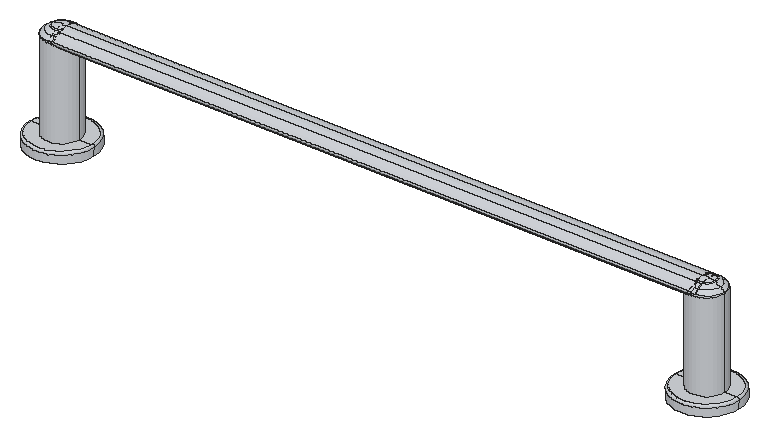
Revit family "Accessory-Towel_Bar-KOHLER-Kumin-K-97878M_1", category Specialty Equipment, host Face, Revit 2017
Family settings
  Host = Face
  Round Connector Dimension = Use Diameter
  Part Type = Normal
  OmniClass Number = 23.31.25.25
  OmniClass Title = Towel Bars
  Cut with Voids When Loaded = No
  Shared = No
  Room Calculation Point = No
Parameters (values of type "CP- Polished chrome")
  Width = 19 103/128"  # constant formula
  WaterSense Certified = 1 = 0  # no
  URL = "https://la.kohler.com/es?country=MX"
  Type = 1
  Product Page URL = "https://la.kohler.com/es/product-detail/97878m?skuid=K-97878M-CP"
  Product Name = "KUMIN"  # constant formula
  Product Documentation Link = "http://resources.kohler.com/plumbing/kohlerla/pdf/K-97878%20KUMIN%20Spec%20Sheet.pdf"
  Model = "K-97878M-CP"  # constant formula
  Material = "Premium Metal Construction"  # constant formula
  Master Format 2014 Name = "Toilet, Bath, and Laundry Accessories"  # constant formula
  Master Format 2014 = "10 28 00"  # constant formula
  Manufacturer Address = "KOHLER Co.444 Highland Dr.Kohler, WI 53044"  # constant formula
  Manufacturer = "KOHLER Co."  # constant formula
  Length = 2 127/128"  # constant formula
  Height = 1 13/16"  # constant formula
  Finish = Kohler-Metal-CP-Polished_Chrome
  Environmental Product Declaration = ""
  Description = "18-inch towel bar"  # constant formula
  Default Elevation = 42"
  Declare Label = ""
  Date Modified = "05/13/2021"  # constant formula
  Date Created = "05/13/2021"  # constant formula
  Copyright = "Copyright KOHLER Co."  # constant formula
  Contact Us = "https://la.kohler.com/es/contact-us-page"
  Assembly Code = "C1030200"
  ADA Compliant = 1 = 0  # no
Reference planes (in)
  plane 1 "Center (Front/Back)": y = 0
  plane 2: z = 0
  plane 3 "Center (Left/Right)": x = 0
  plane 4: x = 9.90311
  plane 5: x = 8.99606
  plane 6: x = -9.90157
  plane 7: x = -8.99606
  plane 8: y = 0.90551
  plane 9: y = -0.90699
  plane 10: z = 2.99219
  plane 11: x = 8.09055
  plane 12: x = -8.09055
Dimensions and locks (in)
  "Width": plane 6 to plane 4
  locked: plane 7 to plane 5 at 17.99213
  plane 6 to plane 3 "Center (Left/Right)" to plane 4 = 9.90157", 9.90311"
  "Height": plane 8 to plane 9
  "Length": plane 10 to level
  aligned and locked: plane 2 to host face
  aligned and locked: level to host face
Automatic sketch dimensions
  host sketch curve to host sketch curve = 96"  (x2)
Nested families (in)
  nested 1: "K-97878M" at (0, 0, 0), type "K-97878M"
Definition of nested family "K-97878M"
  Parameters (values of type "K-97878T")
    Material = none
  Reference planes (in)
    plane 1 "Center (Front/Back)": y = 0
    plane 2: z = 0
    plane 3 "Center (Left/Right)": x = 0
    plane 4: x = 8.99606
    plane 5: x = -8.99606
    plane 6: z = 2.99213
    plane 7: x = 9.90157
    plane 8: x = 8.09055
    plane 9: x = -8.09055
    plane 10: x = -9.90157
  Forms (in)
    Revolve 1, solid, material <- "Material", detail levels medium+fine
      sketch origin (0, 0, 0) x (1, 0, 0) y (0, 0, 1)
        loop
          line (8.99606, 0) -> (9.90157, 0) -> (9.90157, 0.21654)
          arc (9.90157, 0.21654) -> (9.88428, 0.25829) -> (9.84252, 0.27559) r 0.05906
          line (9.84252, 0.27559) -> (9.48819, 0.27559) -> (9.48819, 2.73826)
          arc (9.48819, 2.73826) -> (9.48534, 2.75467) -> (9.47713, 2.76917) r 0.0487
          arc (9.47713, 2.76917) -> (9.43005, 2.82065) -> (9.37777, 2.86684) r 0.65527
          arc (9.37777, 2.86684) -> (9.3161, 2.90917) -> (9.24923, 2.94268) r 0.54559
          arc (9.24923, 2.94268) -> (9.23079, 2.9502) -> (9.21221, 2.9574) r 1.14608
          arc (9.21221, 2.9574) -> (9.10591, 2.9861) -> (8.99606, 2.99366) r 0.56577
          line (8.99606, 2.99366) -> (8.99606, 0)
        axis (8.99606, 2.99366) -> (8.99606, 0)
      angle from 0 to 360
    Extrusion 2, solid, material <- "Material", detail levels medium+fine
      sketch origin (0, 0, -0.00615) x (0, 1, 0) y (0, 0, 1)
        loop
          arc (0, 2.99213) -> (-0.13, 2.97897) -> (-0.25538, 2.94215) r 0.70845
          arc (-0.25538, 2.94215) -> (-0.36747, 2.87905) -> (-0.4587, 2.78839) r 0.47862
          arc (-0.4587, 2.78839) -> (-0.47089, 2.75005) -> (-0.45583, 2.71275) r 0.05933
          arc (-0.45583, 2.71275) -> (-0.40064, 2.65853) -> (-0.33892, 2.61187) r 0.59943
          arc (-0.33892, 2.61187) -> (-0.17691, 2.53691) -> (0, 2.51299) r 0.59943
          arc (0, 2.51299) -> (0.18062, 2.54135) -> (0.34626, 2.61876) r 0.65186
          arc (0.34626, 2.61876) -> (0.40438, 2.66215) -> (0.45654, 2.71255) r 0.57192
          arc (0.45654, 2.71255) -> (0.47265, 2.75255) -> (0.45868, 2.79335) r 0.06181
          arc (0.45868, 2.79335) -> (0.38907, 2.86292) -> (0.30708, 2.91734) r 0.49497
          arc (0.30708, 2.91734) -> (0.15819, 2.97382) -> (0, 2.99213) r 0.64521
      from -8.98915 to 9.05015
    Revolve 3, solid, material <- "Material", detail levels medium+fine
      sketch origin (0, 0, 0) x (-1, 0, 0) y (0, 0, 1)
        loop
          line (8.99606, 0) -> (9.90157, 0) -> (9.90157, 0.21654)
          arc (9.90157, 0.21654) -> (9.88428, 0.25829) -> (9.84252, 0.27559) r 0.05906
          line (9.84252, 0.27559) -> (9.48819, 0.27559) -> (9.48819, 2.73826)
          arc (9.48819, 2.73826) -> (9.48534, 2.75467) -> (9.47713, 2.76917) r 0.0487
          arc (9.47713, 2.76917) -> (9.43005, 2.82065) -> (9.37777, 2.86684) r 0.65527
          arc (9.37777, 2.86684) -> (9.3161, 2.90917) -> (9.24923, 2.94268) r 0.54559
          arc (9.24923, 2.94268) -> (9.23079, 2.9502) -> (9.21221, 2.9574) r 1.14608
          arc (9.21221, 2.9574) -> (9.10591, 2.9861) -> (8.99606, 2.99366) r 0.56577
          line (8.99606, 2.99366) -> (8.99606, 0)
        axis (8.99606, 2.99366) -> (8.99606, 0)
      angle from 0 to 360
    Revolve 4, solid, material <- "Material", detail levels coarse
      sketch origin (0, 0, 0) x (1, 0, 0) y (0, 0, 1)
        loop
          line (9.48819, 2.99213) -> (8.99606, 2.99213) -> (8.99606, 0) -> (9.90157, 0) -> (9.90157, 0.27559) -> (9.48819, 0.27559) -> (9.48819, 2.99213)
        axis (8.99606, 2.99213) -> (8.99606, 0)
      angle from -90 to 270
    Revolve 5, solid, material <- "Material", detail levels coarse
      sketch origin (0, 0, 0) x (-1, 0, 0) y (0, 0, 1)
        loop
          line (9.48819, 2.99213) -> (8.99606, 2.99213) -> (8.99606, 0) -> (9.90157, 0) -> (9.90157, 0.27559) -> (9.48819, 0.27559) -> (9.48819, 2.99213)
        axis (8.99606, 2.99213) -> (8.99606, 0)
      angle from -90 to 270
    Extrusion 6, solid, material <- "Material", detail levels coarse
      sketch origin (0, 0, 0) x (1, 0, 0) y (0, 0, 1)
        loop
          line (8.99606, 2.99213) -> (-8.93781, 2.99213) -> (-8.93781, 2.50677) -> (8.99606, 2.50677) -> (8.99606, 2.99213)
      from -0.47573 to 0.47607
  Cuts and joins
    joined: Revolve 4, Revolve 5, Extrusion 6
  Lines and regions (in)
    Masking region 1
      outline origin (0, 0, 0) x (1, 0, 0) y (0, 1, 0)
        loop
          arc (-8.22472, 0.47433) -> (-9.90157, 0.00001) -> (-8.22474, -0.47435) r 0.90551
          line (-8.22474, -0.47435) -> (0, -0.47435) -> (8.22474, -0.47435)
          arc (8.22474, -0.47435) -> (9.90157, 0.00001) -> (8.22472, 0.47433) r 0.90551
          line (8.22472, 0.47433) -> (0, 0.47433) -> (-8.22472, 0.47433)
    Masking region 2
      outline origin (0, 0, 0) x (1, 0, 0) y (0, 0, 1)
        loop
          line (9.90157, 0) -> (9.90157, 0.21663)
          arc (9.90157, 0.21663) -> (9.8843, 0.25832) -> (9.84261, 0.27559) r 0.05897
          line (9.84261, 0.27559) -> (9.48819, 0.27559) -> (9.48819, 2.73446)
          arc (9.48819, 2.73446) -> (9.48596, 2.75068) -> (9.47944, 2.76569) r 0.06008
          arc (9.47944, 2.76569) -> (9.37475, 2.86881) -> (9.24801, 2.94317) r 0.5958
          arc (9.24801, 2.94317) -> (9.16203, 2.97357) -> (9.07239, 2.9903) r 0.5877
          arc (9.07239, 2.9903) -> (9.03424, 2.99167) -> (8.99606, 2.99213) r 1.5967
          line (8.99606, 2.99213) -> (-8.99606, 2.99213)
          arc (-8.99606, 2.99213) -> (-9.03424, 2.99167) -> (-9.07239, 2.9903) r 1.5967
          arc (-9.07239, 2.9903) -> (-9.16203, 2.97357) -> (-9.24801, 2.94317) r 0.5877
          arc (-9.24801, 2.94317) -> (-9.3734, 2.86984) -> (-9.47732, 2.76836) r 0.5958
          arc (-9.47732, 2.76836) -> (-9.48539, 2.75379) -> (-9.48819, 2.73738) r 0.04958
          line (-9.48819, 2.73738) -> (-9.48819, 0.27559) -> (-9.84261, 0.27559)
          arc (-9.84261, 0.27559) -> (-9.8843, 0.25832) -> (-9.90157, 0.21663) r 0.05897
          line (-9.90157, 0.21663) -> (-9.90157, 0) -> (-8.09055, 0) -> (-8.09055, 0.21663)
          arc (-8.09055, 0.21663) -> (-8.10782, 0.25832) -> (-8.14952, 0.27559) r 0.05897
          line (-8.14952, 0.27559) -> (-8.50394, 0.27559) -> (-8.50394, 2.13498)
          arc (-8.50394, 2.13498) -> (-8.39504, 2.39787) -> (-8.13215, 2.50677) r 0.37179
          line (-8.13215, 2.50677) -> (8.13215, 2.50677)
          arc (8.13215, 2.50677) -> (8.39504, 2.39787) -> (8.50394, 2.13498) r 0.37179
          line (8.50394, 2.13498) -> (8.50394, 0.27559) -> (8.14952, 0.27559)
          arc (8.14952, 0.27559) -> (8.10782, 0.25832) -> (8.09055, 0.21663) r 0.05897
          line (8.09055, 0.21663) -> (8.09055, 0) -> (9.90157, 0)
    Masking region 3
      outline origin (0, 0, 0) x (0, 1, 0) y (0, 0, 1)
        loop
          line (-0.49213, 0.27559) -> (-0.84638, 0.27559)
          arc (-0.84638, 0.27559) -> (-0.88819, 0.25827) -> (-0.90551, 0.21646) r 0.05913
          line (-0.90551, 0.21646) -> (-0.90551, 0) -> (0, 0) -> (0.90551, 0) -> (0.90551, 0.21646)
          arc (0.90551, 0.21646) -> (0.88819, 0.25827) -> (0.84638, 0.27559) r 0.05913
          line (0.84638, 0.27559) -> (0.49213, 0.27559) -> (0.49213, 2.73876)
          arc (0.49213, 2.73876) -> (0.4894, 2.75451) -> (0.48153, 2.76841) r 0.04676
          arc (0.48153, 2.76841) -> (0.38972, 2.85936) -> (0.28118, 2.9295) r 0.62558
          arc (0.28118, 2.9295) -> (0.14454, 2.97856) -> (0, 2.99213) r 0.57959
          arc (0, 2.99213) -> (-0.14454, 2.97856) -> (-0.28118, 2.9295) r 0.57959
          arc (-0.28118, 2.9295) -> (-0.38972, 2.85936) -> (-0.48153, 2.76841) r 0.62558
          arc (-0.48153, 2.76841) -> (-0.4894, 2.75451) -> (-0.49213, 2.73876) r 0.04676
          line (-0.49213, 2.73876) -> (-0.49213, 0.27559)
    symbolic lines, detail levels medium+fine
      curve 1: line (-8.22472, 0.47433, 0) -> (-8.59607, 0.47433, 0)
      curve 2: line (-8.59607, 0.47433, 0) -> (-8.99606, 0.49213, 0)
      curve 3: arc (-8.99606, 0.49213, 0) -> (-9.34405, 0.34799, 0) -> (-9.48819, 0, 0) r 0.49213
      curve 4: line (-8.22472, -0.47433, 0) -> (-8.59607, -0.47433, 0)
      curve 5: line (-8.59607, -0.47433, 0) -> (-8.99606, -0.49213, 0)
      curve 6: arc (-8.99606, -0.49213, 0) -> (-9.34405, -0.34799, 0) -> (-9.48819, 0, 0) r 0.49213
      curve 7: line (8.22472, 0.47433, 0) -> (8.59607, 0.47433, 0)
      curve 8: line (8.59607, 0.47433, 0) -> (8.99606, 0.49213, 0)
      curve 9: arc (8.99606, 0.49213, 0) -> (9.34405, 0.34799, 0) -> (9.48819, 0, 0) r 0.49213
      curve 10: line (8.22472, -0.47433, 0) -> (8.64264, -0.47433, 0)
      curve 11: arc (8.99606, -0.49213, 0) -> (9.34405, -0.34799, 0) -> (9.48819, 0, 0) r 0.49213
      curve 12: line (8.99606, -0.49213, 0) -> (8.72324, -0.47839, 0)
      curve 13: line (8.72324, -0.47839, 0) -> (8.64264, -0.47433, 0)
      curve 14: line (-8.22472, 0.45899, 0) -> (-8.59689, 0.45899, 0)
      curve 15: line (-8.59689, 0.45899, 0) -> (-8.9964, 0.47677, 0)
      curve 16: arc (-8.9964, 0.47677, 0) -> (-9.33331, 0.33701, 0) -> (-9.47283, 0, 0) r 0.47677
      curve 17: arc (-8.9964, -0.47677, 0) -> (-9.33331, -0.33701, 0) -> (-9.47283, 0, 0) r 0.47677
      curve 18: line (-8.22472, -0.45899, 0) -> (-8.59689, -0.45899, 0)
      curve 19: line (-8.59689, -0.45899, 0) -> (-8.9964, -0.47677, 0)
      curve 20: line (8.22472, -0.45897, 0) -> (8.64303, -0.45897, 0)
      curve 21: line (8.72401, -0.46305, 0) -> (8.64303, -0.45897, 0)
      curve 22: line (8.99645, -0.47677, 0) -> (8.72401, -0.46305, 0)
      curve 23: arc (8.99645, -0.47677, 0) -> (9.33333, -0.33699, 0) -> (9.47283, 0, 0) r 0.47677
      curve 24: arc (8.99645, 0.47677, 0) -> (9.33333, 0.33699, 0) -> (9.47283, 0, 0) r 0.47677
      curve 25: line (8.22472, 0.45897, 0) -> (8.64303, 0.45897, 0)
      curve 26: line (8.72401, 0.46305, 0) -> (8.64303, 0.45897, 0)
      curve 27: line (8.99645, 0.47677, 0) -> (8.72401, 0.46305, 0)
      curve 28: line (8.22472, 0.45897, 0) -> (-8.22784, 0.45897, 0)
      curve 29: line (8.22472, -0.45897, 0) -> (-8.22784, -0.45897, 0)
      curve 30: line (-8.99606, 0.49213, 0) -> (-8.99606, -0.49213, 0)
      curve 31: line (-7.75591, 0.47433, 0) -> (-7.75591, -0.47435, 0)
      curve 32: line (8.99606, 0.49213, 0) -> (8.99606, -0.49213, 0)
      curve 33: line (7.75591, 0.47433, 0) -> (7.75591, -0.47435, 0)
      curve 34: arc (-8.3052, 0.47433, 0) -> (-9.24438, 0.80039, 0) -> (-9.83408, 0, 0) r 0.83802
      curve 35: arc (-8.3052, -0.47433, 0) -> (-9.24438, -0.80039, 0) -> (-9.83408, 0, 0) r 0.83802
      curve 36: arc (8.3052, -0.47433, 0) -> (9.24438, -0.80039, 0) -> (9.83408, 0, 0) r 0.83802
      curve 37: arc (8.3052, 0.47433, 0) -> (9.24438, 0.80039, 0) -> (9.83408, 0, 0) r 0.83802
      curve 38: line (9.47325, 0, 2.77285) -> (8.98921, 0, 2.77285)
      curve 39: line (9.48819, 0, 2.73532) -> (8.9808, 0, 2.73532)
      curve 40: line (-9.48819, 0, 0.27559) -> (-8.50394, 0, 0.27559)
      curve 41: line (-9.90003, 0, 0.22835) -> (-8.0921, 0, 0.22835)
      curve 42: line (8.09209, 0, 0.22835) -> (9.90003, 0, 0.22835)
      curve 43: arc (8.98921, 0, 2.77285) -> (8.79295, 0, 2.78964) -> (8.59607, 0, 2.7956) r 3.57678
      curve 44: arc (8.9808, 0, 2.73532) -> (8.96532, 0, 2.73575) -> (8.94989, 0, 2.73702) r 0.28224
      curve 45: arc (8.94989, 0, 2.73702) -> (8.77321, 0, 2.7225) -> (8.59605, 0, 2.71621) r 3.80986
      curve 46: line (8.59605, 0, 2.71621) -> (-0.02243, 0, 2.71621)
      curve 47: line (8.59607, 0, 2.7956) -> (-0.03439, 0, 2.7956)
      curve 48: arc (8.95684, 0, 2.77637) -> (8.94648, 0, 2.75774) -> (8.95209, 0, 2.73718) r 0.02822
      curve 49: line (8.59607, 0, 2.7956) -> (8.59607, 0, 2.71621)
      curve 50: arc (8.59607, 0, 2.71621) -> (8.32409, 0, 2.62581) -> (8.06336, 0, 2.50677) r 2.66911
      curve 51: arc (8.95209, 0, 2.73718) -> (8.84648, 0, 2.65637) -> (8.76554, 0, 2.55085) r 0.50638
      curve 52: arc (8.76554, 0, 2.55085) -> (8.70652, 0, 2.45112) -> (8.65161, 0, 2.34907) r 2.84104
      curve 53: arc (8.65161, 0, 2.34907) -> (8.57962, 0, 2.21348) -> (8.50394, 0, 2.07992) r 5.58035
      curve 54: line (-9.47325, 0, 2.77285) -> (-8.98921, 0, 2.77285)
      curve 55: line (-9.48819, 0, 2.73532) -> (-8.9808, 0, 2.73532)
      curve 56: arc (-8.98921, 0, 2.77285) -> (-8.79295, 0, 2.78964) -> (-8.59607, 0, 2.7956) r 3.57678
      curve 57: arc (-8.9808, 0, 2.73532) -> (-8.96532, 0, 2.73575) -> (-8.94989, 0, 2.73702) r 0.28224
      curve 58: arc (-8.94989, 0, 2.73702) -> (-8.77321, 0, 2.7225) -> (-8.59605, 0, 2.71621) r 3.80986
      curve 59: line (-8.59605, 0, 2.71621) -> (-0.02243, 0, 2.71621)
      curve 60: line (-8.59607, 0, 2.7956) -> (-0.03439, 0, 2.7956)
      curve 61: arc (-8.95684, 0, 2.77637) -> (-8.94648, 0, 2.75774) -> (-8.95209, 0, 2.73718) r 0.02822
      curve 62: line (-8.59607, 0, 2.7956) -> (-8.59607, 0, 2.71621)
      curve 63: arc (-8.59607, 0, 2.71621) -> (-8.32409, 0, 2.62581) -> (-8.06336, 0, 2.50677) r 2.66911
      curve 64: arc (-8.95209, 0, 2.73718) -> (-8.84648, 0, 2.65637) -> (-8.76554, 0, 2.55085) r 0.50638
      curve 65: arc (-8.76554, 0, 2.55085) -> (-8.70652, 0, 2.45112) -> (-8.65161, 0, 2.34907) r 2.84104
      curve 66: arc (-8.65161, 0, 2.34907) -> (-8.57962, 0, 2.21348) -> (-8.50394, 0, 2.07992) r 5.58035
      curve 67: line (9.48819, 0, 0.27559) -> (8.50394, 0, 0.27559)
      curve 68: line (8.99606, 0, 2.73532) -> (8.99606, 0, 2.99213)
      curve 69: line (7.75591, 0, 2.99213) -> (7.75591, 0, 2.50677)
      curve 70: line (-8.99606, 0, 2.73532) -> (-8.99606, 0, 2.99213)
      curve 71: line (-7.75591, 0, 2.99213) -> (-7.75591, 0, 2.50677)
      curve 72: line (0, -0.49213, 0.27559) -> (0, 0.49213, 0.27559)
      curve 73: line (0, -0.90551, 0.21646) -> (0, 0.90551, 0.21646)
      curve 74: line (0, -0.49213, 2.73876) -> (0, 0.49213, 2.73876)
      curve 75: line (0, 0.48153, 2.76841) -> (0, -0.48153, 2.76841)
  Dimensions and locks (in)
    plane 5 to plane 4 = 17.99213"
    level to plane 6 = 2.99213"
    plane 8 to plane 7 = 1.81102"
    aligned and locked: plane 2 to level
  Automatic sketch dimensions
    curve 3 to curve 6 = 0"  (x2)
    curve 3 to curve 16 = 0"  (x2)
    curve 3 to curve 17 = 0"  (x2)
    curve 3 to curve 34 = 0"  (x2)
    curve 3 to curve 35 = 0"  (x2)
    curve 6 to curve 16 = 0"  (x2)
    curve 6 to curve 17 = 0"  (x2)
    curve 6 to curve 34 = 0"  (x2)
    curve 6 to curve 35 = 0"  (x2)
    curve 9 to curve 11 = 0"  (x2)
    curve 9 to curve 23 = 0"  (x2)
    curve 9 to curve 24 = 0"  (x2)
    curve 9 to curve 36 = 0"  (x2)
    curve 9 to curve 37 = 0"  (x2)
    curve 11 to curve 23 = 0"  (x2)
    curve 11 to curve 24 = 0"  (x2)
    curve 11 to curve 36 = 0"  (x2)
    curve 11 to curve 37 = 0"  (x2)
    curve 16 to curve 17 = 0"  (x2)
    curve 16 to curve 34 = 0"  (x2)
    curve 16 to curve 35 = 0"  (x2)
    curve 17 to curve 34 = 0"  (x2)
    curve 17 to curve 35 = 0"  (x2)
    curve 23 to curve 24 = 0"  (x2)
    curve 23 to curve 36 = 0"  (x2)
    curve 23 to curve 37 = 0"  (x2)
    curve 24 to curve 36 = 0"  (x2)
    curve 24 to curve 37 = 0"  (x2)
    curve 34 to curve 35 = 0"  (x2)
    curve 36 to curve 37 = 0"  (x2)
    plane 1 "Center (Front/Back)" to curve 35 = 0"
    curve 5 to plane 5 = 0"
    plane 1 "Center (Front/Back)" to curve 11 = 0"
    curve 11 to plane 4 = 0"
    curve 19 to plane 5 = 0.00034"
    curve 15 to plane 5 = 0.00034"
    plane 5 to curve 15 = 0.39918"
    plane 5 to curve 18 = 0.39918"
    curve 18 to curve 4 = 0.00082"
    curve 14 to curve 2 = 0.00082"
    plane 8 to curve 20 = 0.13417"
    plane 8 to curve 28 = 0.13417"
    curve 25 to curve 7 = 0.37135"
    plane 4 to curve 13 = 0.35342"
    curve 7 to curve 26 = 0.04696"
    curve 10 to curve 21 = 0.00039"
    curve 10 to curve 12 = 0.08059"
    curve 12 to curve 22 = 0.00077"
    curve 25 to curve 27 = 0.08098"
    curve 27 to plane 4 = 0.00038"
    curve 22 to plane 4 = 0.00038"
    plane 1 "Center (Front/Back)" to curve 29 = 0.45897"
    curve 19 to curve 29 = 0.00002"
    curve 22 to curve 20 = 0.00408"
    curve 10 to curve 20 = 0.01535"
    curve 4 to curve 18 = 0.01533"
    curve 22 to curve 21 = 0.01372"
    curve 19 to curve 18 = 0.01778"
    curve 13 to curve 21 = 0.01533"
    curve 5 to curve 19 = 0.01535"
    curve 12 to curve 22 = 0.01535"
    curve 25 to curve 27 = 0.0178"
    curve 28 to curve 15 = 0.00002"
    curve 25 to curve 27 = 0.00408"
    curve 25 to curve 7 = 0.01535"
    curve 14 to curve 2 = 0.01533"
    plane 10 to curve 34 = 0.06749"
    curve 34 to curve 28 = 0.07736"
    curve 35 to curve 29 = 0.07736"
    curve 29 to curve 4 = 0.00312"
    curve 28 to curve 1 = 0.00312"
    curve 29 to curve 18 = 0.00312"
    curve 28 to curve 14 = 0.00312"
    curve 31 to plane 9 = 0.33465"
    curve 33 to plane 8 = 0.33465"
    curve 7 to curve 25 = 0"
    curve 10 to curve 20 = 0"
    curve 10 to curve 36 = 0.08047"
    curve 31 to curve 4 = 0.00002"
    curve 33 to curve 10 = 0.00002"
    curve 31 to curve 1 = 0"
    curve 33 to curve 7 = 0"
    level to curve 73 = 0.21646"
    plane 1 "Center (Front/Back)" to curve 73 = 0.90551"
    curve 73 to curve 72 = 0.41339"
    plane 1 "Center (Front/Back)" to curve 74 = 0.49213"
    curve 74 to curve 75 = 0.0106"
    curve 75 to plane 6 = 0.22372"
    curve 75 to plane 1 "Center (Front/Back)" = 0.48153"
    curve 75 to curve 74 = 0.0106"
    curve 72 to plane 1 "Center (Front/Back)" = 0.49213"
    curve 72 to curve 73 = 0.41339"
    level to curve 72 = 0.27559"
    curve 74 to curve 75 = 0.02965"
    curve 70 to plane 5 = 0"
    curve 71 to plane 6 = 0"
    curve 69 to plane 6 = 0"
    plane 4 to curve 68 = 0"
    curve 70 to plane 6 = 0"
    curve 68 to plane 6 = 0"
    curve 64 to plane 5 = 0.20826"
    level to curve 63 = 0.14178"
    curve 63 to plane 5 = 0.30464"
    curve 65 to plane 10 = 1.27885"
    plane 5 to curve 54 = 0.00686"
    plane 5 to curve 57 = 0.01526"
    curve 55 to curve 61 = 0.00631"
    curve 61 to curve 60 = 0.37842"
    curve 62 to curve 59 = 0"
    plane 5 to curve 56 = 0.40976"
    plane 5 to curve 58 = 0.44654"
    curve 66 to plane 3 "Center (Left/Right)" = 3.68727"
    curve 60 to plane 3 "Center (Left/Right)" = 0.03439"
    curve 59 to plane 3 "Center (Left/Right)" = 0.02243"
    plane 3 "Center (Left/Right)" to curve 53 = 3.68727"
    plane 4 to curve 45 = 0.44654"
    plane 4 to curve 43 = 0.40976"
    plane 4 to curve 46 = 0.40001"
    curve 45 to curve 49 = 0"  (x2)
    plane 4 to curve 48 = 0.02157"
    plane 4 to curve 44 = 0.01526"
    plane 4 to curve 38 = 0.00686"
    curve 51 to plane 4 = 0.20826"
    level to curve 50 = 0.14178"
    curve 50 to plane 4 = 0.30464"
    curve 52 to plane 7 = 1.27885"
    curve 43 to level = 0.78116"
    curve 56 to level = 0.78116"
    level to curve 52 = 1.05423"
    level to curve 65 = 1.05423"
    curve 51 to plane 6 = 0.69403"
    curve 64 to plane 6 = 0.69403"
    curve 59 to plane 6 = 0.27592"
    curve 59 to curve 62 = 0"
    curve 39 to curve 68 = 0.2568"
    curve 55 to curve 70 = 0.2568"
    curve 55 to curve 61 = 0.01903"
    curve 44 to curve 48 = 0.01903"
    curve 48 to curve 38 = 0.0185"
    plane 6 to curve 44 = 0.02543"
    plane 6 to curve 57 = 0.02543"
    plane 6 to curve 53 = 1.90559"
    plane 6 to curve 66 = 1.90559"
    plane 6 to curve 45 = 3.53365"
    plane 6 to curve 58 = 3.53365"
    plane 10 to curve 54 = 0.42832"
    curve 55 to curve 54 = 0.01494"
    curve 40 to curve 63 = 3/16"
    plane 10 to curve 41 = 0.00154"
    curve 61 to curve 61 = 0.01765"
    curve 61 to curve 57 = 0.0022"
    plane 5 to curve 65 = 0.23052"
    curve 64 to curve 65 = 0.11394"
    plane 9 to curve 40 = 0.41339"
    curve 66 to curve 66 = 0.14767"
    plane 9 to curve 41 = 0.00155"
    curve 63 to plane 9 = 0.02719"
    curve 63 to curve 71 = 0.30746"
    curve 69 to plane 8 = 0.33465"
    curve 50 to plane 8 = 0.02719"
    plane 8 to curve 42 = 0.00154"
    plane 8 to curve 53 = 0.41339"
    plane 8 to curve 67 = 0.41339"
    curve 53 to curve 52 = 0.14767"
    plane 4 to curve 52 = 0.23052"
    curve 45 to curve 48 = 0.0022"
    curve 48 to curve 48 = 0.01765"
    plane 7 to curve 38 = 0.42832"
    curve 50 to curve 67 = 3/16"
    curve 38 to curve 39 = 0.01494"
    plane 7 to curve 42 = 0.00154"
    level to curve 42 = 0.22835"
    level to curve 41 = 0.22835"
    curve 63 to curve 40 = 0.13381"
    level to curve 67 = 0.27559"
    curve 71 to curve 63 = 0"
    curve 69 to curve 50 = 0"
    plane 4 to Revolve 1 sketch curve = 0"  (x2)
    Revolve 1 sketch curve to level = 0"
    plane 7 to Revolve 1 sketch curve = 0"
    plane 4 to Revolve 1 sketch curve = 0.02537"
    plane 4 to Revolve 1 sketch curve = 0.1888"
    Revolve 1 sketch curve to plane 4 = 0.01624"
    Revolve 1 sketch curve to Revolve 1 sketch curve = 0.02653"
    Revolve 1 sketch curve to plane 4 = 0.44342"
    level to Revolve 1 sketch curve = 0.27559"
    plane 7 to Revolve 1 sketch curve = 0.41339"
    Revolve 1 sketch curve to Revolve 1 sketch curve = 0.05906"
    Revolve 1 sketch curve to Revolve 1 sketch curve = 0"  (x4)
    Revolve 1 sketch curve to plane 6 = 1.10688"
    Revolve 1 sketch curve to Revolve 1 sketch curve = 0.46809"
    Revolve 1 sketch curve to Revolve 1 sketch curve = 0.07478"
    Revolve 1 sketch curve to Revolve 1 sketch curve = 0.01117"
    Revolve 1 sketch curve to plane 6 = 0.25386"
    plane 6 to Revolve 1 sketch curve = 0.00154"
    Revolve 1 sketch curve to Revolve 1 sketch curve = 0.08473"
    Revolve 1 sketch curve to Revolve 1 sketch curve = 0.27457"
    Extrusion 2 sketch curve to Extrusion 2 sketch curve = 0"  (x8)
    Extrusion 2 sketch curve to plane 1 "Center (Front/Back)" = 0"  (x2)
    plane 1 "Center (Front/Back)" to Extrusion 2 sketch curve = 0.00902"
    plane 1 "Center (Front/Back)" to Extrusion 2 sketch curve = 0.00981"
    plane 1 "Center (Front/Back)" to Extrusion 2 sketch curve = 0.07876"
    plane 1 "Center (Front/Back)" to Extrusion 2 sketch curve = 0.4116"
    Extrusion 2 sketch curve to plane 1 "Center (Front/Back)" = 0.00551"
    Extrusion 2 sketch curve to plane 1 "Center (Front/Back)" = 0.00605"
    Extrusion 2 sketch curve to plane 1 "Center (Front/Back)" = 0.03386"
    Extrusion 2 sketch curve to plane 1 "Center (Front/Back)" = 0.07573"
    Extrusion 2 sketch curve to plane 1 "Center (Front/Back)" = 0.41086"
    Extrusion 2 sketch curve to plane 6 = 0.71457"
    Extrusion 2 sketch curve to Extrusion 2 sketch curve = 0.06324"
    Extrusion 2 sketch curve to Extrusion 2 sketch curve = 17/128"
    Extrusion 2 sketch curve to Extrusion 2 sketch curve = 0.01755"
    Extrusion 2 sketch curve to Extrusion 2 sketch curve = 0.18985"
    Extrusion 2 sketch curve to Extrusion 2 sketch curve = 0.16315"
    plane 6 to Extrusion 2 sketch curve = 0.09953"
    Extrusion 2 sketch curve to Extrusion 2 sketch curve = 0.01454"
    Extrusion 2 sketch curve to Extrusion 2 sketch curve = 0.05242"
    Extrusion 2 sketch curve to Extrusion 2 sketch curve = 0.07268"
    Extrusion 2 sketch curve to Extrusion 2 sketch curve = 0.04423"
    plane 1 "Center (Front/Back)" to Masking region 1 sketch curve = 0"  (x2)
    Masking region 1 sketch curve to plane 5 = 0"
    Masking region 1 sketch curve to plane 3 "Center (Left/Right)" = 0"  (x2)
    Masking region 1 sketch curve to plane 4 = 0"
    plane 9 to Masking region 1 sketch curve = 0.13419"
    plane 9 to Masking region 1 sketch curve = 0.13417"
    plane 8 to Masking region 1 sketch curve = 0.13417"
    plane 1 "Center (Front/Back)" to Masking region 1 sketch curve = 0.47435"
    Masking region 2 sketch curve to level = 0"  (x2)
    Masking region 2 sketch curve to plane 10 = 0"
    Masking region 2 sketch curve to plane 5 = 0"
    plane 9 to Masking region 2 sketch curve = 0"
    Masking region 2 sketch curve to plane 8 = 0"
    plane 4 to Masking region 2 sketch curve = 0"
    plane 7 to Masking region 2 sketch curve = 0"
    Masking region 2 sketch curve to plane 6 = 0"
    plane 10 to Masking region 2 sketch curve = 0.05897"
    plane 10 to Masking region 2 sketch curve = 0.41339"
    Masking region 2 sketch curve to Masking region 2 sketch curve = 0.04958"
    Masking region 2 sketch curve to plane 5 = 0.01612"
    Masking region 2 sketch curve to Masking region 2 sketch curve = 0.00249"  (x2)
    plane 9 to Masking region 2 sketch curve = 0.41339"
    plane 9 to Masking region 2 sketch curve = 0.05897"
    plane 9 to Masking region 2 sketch curve = 0.0416"
    plane 8 to Masking region 2 sketch curve = 0.0416"
    Masking region 2 sketch curve to Masking region 2 sketch curve = 0.05897"
    Masking region 2 sketch curve to Masking region 2 sketch curve = 0.37179"
    Masking region 2 sketch curve to plane 4 = 0.01363"
    Masking region 2 sketch curve to plane 4 = 0.43204"
    Masking region 2 sketch curve to Masking region 2 sketch curve = 0.06008"
    plane 7 to Masking region 2 sketch curve = 0.05897"
    Masking region 2 sketch curve to Masking region 2 sketch curve = 0.21663"
    level to Masking region 2 sketch curve = 0.21663"  (x3)
    Masking region 2 sketch curve to Masking region 2 sketch curve = 1.11983"  (x2)
    Masking region 2 sketch curve to plane 6 = 0.85715"
    Masking region 2 sketch curve to Masking region 2 sketch curve = 0.26105"  (x2)
    Masking region 2 sketch curve to Masking region 2 sketch curve = 0.00992"  (x2)
    Masking region 2 sketch curve to Masking region 2 sketch curve = 0.25766"
    Masking region 2 sketch curve to plane 6 = 0.25475"
    Masking region 2 sketch curve to Masking region 2 sketch curve = 0"
    Masking region 2 sketch curve to plane 6 = 0.04896"  (x2)
    Masking region 2 sketch curve to plane 6 = 0.00183"
    Revolve 3 sketch curve to plane 5 = 0"  (x2)
    Revolve 3 sketch curve to level = 0"
    Revolve 3 sketch curve to plane 10 = 0"
    Revolve 3 sketch curve to plane 5 = 0.02537"
    Revolve 3 sketch curve to plane 5 = 0.1888"
    plane 5 to Revolve 3 sketch curve = 0.01624"
    Revolve 3 sketch curve to Revolve 3 sketch curve = 0.02653"
    plane 5 to Revolve 3 sketch curve = 0.44342"
    Revolve 3 sketch curve to level = 0.27559"
    Revolve 3 sketch curve to plane 10 = 0.41339"
    Revolve 3 sketch curve to Revolve 3 sketch curve = 0.05906"
    Revolve 3 sketch curve to Revolve 3 sketch curve = 0"  (x4)
    plane 6 to Revolve 3 sketch curve = 1.10688"
    Revolve 3 sketch curve to Revolve 3 sketch curve = 0.46809"
    Revolve 3 sketch curve to Revolve 3 sketch curve = 0.07478"
    Revolve 3 sketch curve to Revolve 3 sketch curve = 0.01117"
    plane 6 to Revolve 3 sketch curve = 0.25386"
    Revolve 3 sketch curve to plane 6 = 0.00154"
    Revolve 3 sketch curve to Revolve 3 sketch curve = 0.08473"
    Revolve 3 sketch curve to Revolve 3 sketch curve = 0.27457"
    Masking region 3 sketch curve to level = 0"
    Masking region 3 sketch curve to plane 1 "Center (Front/Back)" = 0"  (x2)
    Masking region 3 sketch curve to plane 6 = 0"
    plane 1 "Center (Front/Back)" to Masking region 3 sketch curve = 0.00229"
    plane 1 "Center (Front/Back)" to Masking region 3 sketch curve = 0.01855"
    plane 1 "Center (Front/Back)" to Masking region 3 sketch curve = 0.44536"
    plane 1 "Center (Front/Back)" to Masking region 3 sketch curve = 0.49213"
    level to Masking region 3 sketch curve = 0.21646"  (x2)
    Masking region 3 sketch curve to Masking region 3 sketch curve = 0.35425"  (x2)
    Masking region 3 sketch curve to Masking region 3 sketch curve = 0.05913"  (x2)
    Masking region 3 sketch curve to plane 1 "Center (Front/Back)" = 0.00229"
    Masking region 3 sketch curve to plane 1 "Center (Front/Back)" = 0.01855"
    Masking region 3 sketch curve to plane 1 "Center (Front/Back)" = 0.44536"
    Masking region 3 sketch curve to plane 1 "Center (Front/Back)" = 0.49213"
    Masking region 3 sketch curve to plane 6 = 0.62029"
    Masking region 3 sketch curve to Masking region 3 sketch curve = 0"  (x6)
    Masking region 3 sketch curve to Masking region 3 sketch curve = 0.041"
    Masking region 3 sketch curve to Masking region 3 sketch curve = 0.19074"
    Masking region 3 sketch curve to plane 6 = 0.25336"
    plane 4 to Revolve 4 sketch curve = 0"  (x2)
    Revolve 4 sketch curve to level = 0"
    Revolve 4 sketch curve to plane 6 = 0"
    plane 7 to Revolve 4 sketch curve = 0"
    plane 7 to Revolve 4 sketch curve = 0.41339"
    level to Revolve 4 sketch curve = 0.27559"
    Revolve 4 sketch curve to plane 6 = 0.98392"
    Revolve 4 sketch curve to Revolve 4 sketch curve = 0.39403"
    Revolve 5 sketch curve to plane 5 = 0"  (x2)
    Revolve 5 sketch curve to level = 0"
    Revolve 5 sketch curve to plane 6 = 0"
    Revolve 5 sketch curve to plane 10 = 0"
    Revolve 5 sketch curve to Revolve 5 sketch curve = 0.41339"
    Revolve 5 sketch curve to level = 0.27559"
    plane 6 to Revolve 5 sketch curve = 0.98392"
    Revolve 5 sketch curve to Revolve 5 sketch curve = 0.39403"
    plane 5 to Extrusion 6 sketch curve = 0.05825"
    plane 4 to Extrusion 6 sketch curve = 0"
    Extrusion 6 sketch curve to plane 6 = 0"
    Extrusion 6 sketch curve to plane 6 = 0.48536"
